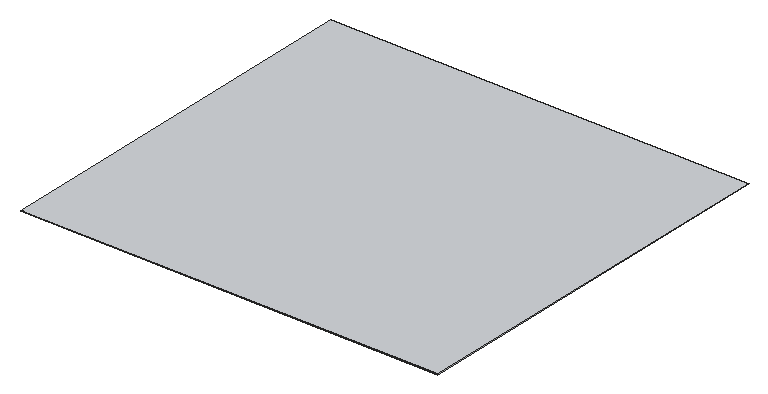
Revit family "WLL_bay_template", category Walls, Revit 2025
Family settings
  Work Plane-Based = No
  Always vertical = No
  Cut with Voids When Loaded = No
  Shared = Yes
Parameters
  Type IFC Predefined Type = "PARTITIONING"
  Structural Material = <By Category>
  HSL_drofus_room_func_no [instance] = ""
  HSL_WIDTH [instance] = 2367.295 mm
  HSL_ROOM_NUMBER [instance] = ""
  HSL_ROOM_NAME_SHORT [instance] = ""
  HSL_ROOM_NAME [instance] = ""
  HSL_HEIGHT [instance] = 2438.4 mm
  HSL_GROSS_FLOOR_AREA [instance] = 0.00 m²
  HSL_DEPT_CODE [instance] = ""
  HSL_DEPTH [instance] = 1044.001 mm
  HSL_DEPARTMENT_2 [instance] = ""
  HSL_DEPARTMENT_1 [instance] = ""
  HSL_DEPARTMENT [instance] = ""
  HSL_CLIENT_REQ_AREA_DIFF_PERC [instance] = if(HSL_GROSS_FLOOR_AREA - HSL_CLIENT_REQ_AREA = 0.00 m², 0, if(HSL_CLIENT_REQ_AREA = 0.00 m², 9999, 100 * (HSL_GROSS_FLOOR_AREA - HSL_CLIENT_REQ_AREA) / HSL_CLIENT_REQ_AREA))  # 0
  HSL_CLIENT_REQ_AREA_DIFF [instance] = HSL_GROSS_FLOOR_AREA - HSL_CLIENT_REQ_AREA  # 0.00 m²
  HSL_CLIENT_REQ_AREA [instance] = 0.00 m²
  Export Type to IFC As = "IfcWallType"
Reference planes
  plane 1: z = 0
  plane 2: z = 2438.4
  plane 3: x = 0
  plane 4: y = 0
Dimensions and locks
  "HSL_HEIGHT": plane 2 to level
  aligned and locked: nested 2 to plane 3
  aligned and locked: plane 4 to nested 2
  aligned and locked: nested 3 to plane 3
  aligned and locked: plane 4 to nested 3
Nested families
  nested 1: "ANN_Planning_nested_tag" at (0, -0.618, 0), HSL_DEPTH <- "HSL_DEPTH", HSL_WIDTH <- "HSL_WIDTH", HSL_ROOM_NAME_SHORT <- "HSL_ROOM_NAME_SHORT", HSL_drofus_room_func_no <- "HSL_drofus_room_func_no", HSL_CLIENT_REQ_AREA <- "HSL_CLIENT_REQ_AREA", HSL_GROSS_FLOOR_AREA <- "HSL_GROSS_FLOOR_AREA", type "ANN_Planning_nested_tag"
    with HSL_drofus_room_func_no "", HSL_WIDTH 2367.295 mm, HSL_ROOM_NAME_SHORT "", HSL_ID_INSTANCE "", HSL_GROSS_FLOOR_AREA 0.00 m², HSL_DEPTH 1044.001 mm, HSL_CLIENT_REQ_AREA 0.00 m²
  nested 2: "GEN_Inner_Nested_Bay_template" at (0, 0, 0), HSL_DEPARTMENT <- "HSL_DEPARTMENT", HSL_DEPARTMENT_1 <- "HSL_DEPARTMENT_1", HSL_DEPARTMENT_2 <- "HSL_DEPARTMENT_2", HSL_ROOM_NUMBER <- "HSL_ROOM_NUMBER", HSL_drofus_room_func_no <- "HSL_drofus_room_func_no", HSL_CLIENT_REQ_AREA_DIFF <- "HSL_CLIENT_REQ_AREA_DIFF", HSL_CLIENT_REQ_AREA_DIFF_PERC <- "HSL_CLIENT_REQ_AREA_DIFF_PERC", HSL_DEPTH <- "HSL_DEPTH", HSL_HEIGHT <- "HSL_HEIGHT", HSL_WIDTH <- "HSL_WIDTH", HSL_DEPT_CODE <- "HSL_DEPT_CODE", type "Rectangle_Inner_Nested", detail levels medium+fine
    with HSL_drofus_room_func_no "", HSL_WIDTH 2367.295 mm, HSL_ROOM_NUMBER "", HSL_HEIGHT 2438.4 mm, HSL_DEPTH 1044.001 mm, HSL_DEPARTMENT_2 "", HSL_DEPARTMENT_1 "", HSL_DEPARTMENT "", HSL_CLIENT_REQ_AREA_DIFF_PERC 0, HSL_CLIENT_REQ_AREA_DIFF 0.00 m²
  nested 3: "GEN_Inner_Nested_Coarse_Bay_template" at (0, 0, 0), HSL_DEPTH <- "HSL_DEPTH", HSL_HEIGHT <- "HSL_HEIGHT", HSL_WIDTH <- "HSL_WIDTH", HSL_DEPARTMENT <- "HSL_DEPARTMENT", HSL_DEPARTMENT_1 <- "HSL_DEPARTMENT_1", HSL_DEPARTMENT_2 <- "HSL_DEPARTMENT_2", HSL_ROOM_NUMBER <- "HSL_ROOM_NUMBER", HSL_drofus_room_func_no <- "HSL_drofus_room_func_no", HSL_CLIENT_REQ_AREA_DIFF <- "HSL_CLIENT_REQ_AREA_DIFF", HSL_CLIENT_REQ_AREA_DIFF_PERC <- "HSL_CLIENT_REQ_AREA_DIFF_PERC", HSL_DEPT_CODE <- "HSL_DEPT_CODE", type "Rectangle_Inner_Nested", detail levels coarse
    with HSL_drofus_room_func_no "", HSL_WIDTH 2367.295 mm, HSL_ROOM_NUMBER "", HSL_HEIGHT 2438.4 mm, HSL_DEPTH 1044.001 mm, HSL_DEPARTMENT_2 "", HSL_DEPARTMENT_1 "", HSL_DEPARTMENT "", HSL_CLIENT_REQ_AREA_DIFF_PERC 0, HSL_CLIENT_REQ_AREA_DIFF 0.00 m²
Definition of nested family "GEN_Inner_Nested_Bay_template"
  Parameters (values of type "Rectangle_Inner_Nested")
    Learning Link = ""
    HSL_drofus_room_func_no [instance] = ""
    HSL_WIDTH [instance] = 1880 mm
    HSL_ROOM_NUMBER [instance] = ""
    HSL_HEIGHT [instance] = 1574.089 mm
    HSL_DEPT_CODE [instance] = ""
    HSL_DEPTH [instance] = 1766.032 mm
    HSL_DEPARTMENT_2 [instance] = ""
    HSL_DEPARTMENT_1 [instance] = ""
    HSL_DEPARTMENT [instance] = ""
    HSL_CLIENT_REQ_AREA_DIFF_PERC [instance] = 0
    HSL_CLIENT_REQ_AREA_DIFF [instance] = 0.00 m²
    Default Elevation = 0 mm
  Reference planes
    plane 1 "Center (Front/Back)": y = 0
    plane 2: z = 0
    plane 3 "Center (Left/Right)": x = 0
    plane 4: z = 1574.089
  Forms (mm)
    Extrusion 1, solid, detail levels medium+fine
      sketch origin (0, 0, 0) x (1, 0, 0) y (0, 1, 0)
        loop
          line (-832.073, 775.089) -> (-832.073, -775.089) -> (832.073, -775.089) -> (832.073, 775.089) -> (-832.073, 775.089)
      from 0 to 1
  Lines and regions (mm)
    model lines, detail levels medium+fine
      curve 1: line (0, 0, 0) -> (0, 0, 1574.089)
  Dimensions and locks
    "HSL_HEIGHT": plane 4 to level
    aligned and locked: level to plane 2
    aligned and locked: plane 4 to curve 1
    aligned and locked: level to curve 1
    aligned and locked: plane 3 "Center (Left/Right)" to curve 1
  Automatic sketch dimensions
    plane 3 "Center (Left/Right)" to Extrusion 1 sketch curve = 832.073 mm
    Extrusion 1 sketch curve to plane 1 "Center (Front/Back)" = 775.089 mm
    Extrusion 1 sketch curve to plane 3 "Center (Left/Right)" = 832.073 mm
    plane 1 "Center (Front/Back)" to Extrusion 1 sketch curve = 775.089 mm
Definition of nested family "ANN_Planning_nested_tag"
  Parameters (values of type "ANN_Planning_nested_tag")
    Learning Link = ""
    HSL_drofus_room_func_no [instance] = "00.00.00"
    HSL_WIDTH [instance] = 2000 mm
    HSL_ROOM_NAME_SHORT [instance] = "SAMPLE"
    HSL_ID_INSTANCE [instance] = ""
    HSL_GROSS_FLOOR_AREA [instance] = 60.00 m²
    HSL_DEPTH [instance] = 3000 mm
    HSL_CLIENT_REQ_AREA [instance] = 30.00 m²
    Default Elevation = 0 mm
  Reference planes
    plane 1 "Center (Front/Back)": y = 0
    plane 2: z = 0
    plane 3 "Center (Left/Right)": x = 0
  Dimensions and locks
    aligned and locked: level to plane 2
  Nested families
    nested 1: "SYM_Planning_Annotation" at (-30, -159.812, 0), HSL_GROSS_FLOOR_AREA <- "HSL_GROSS_FLOOR_AREA", HSL_ROOM_NAME_SHORT <- "HSL_ROOM_NAME_SHORT", HSL_drofus_room_func_no <- "HSL_drofus_room_func_no", HSL_DEPTH <- "HSL_DEPTH", HSL_WIDTH <- "HSL_WIDTH", HSL_CLIENT_REQ_AREA <- "HSL_CLIENT_REQ_AREA", type "SYM_Planning_Annotation"
      with HSL_drofus_room_func_no "00.00.00", HSL_WIDTH 2000 mm, HSL_ROOM_NAME_SHORT "SAMPLE", HSL_GROSS_FLOOR_AREA 60.00 m², HSL_DEPTH 3000 mm, HSL_CLIENT_REQ_AREA 30.00 m²
  Definition of nested family "SYM_Planning_Annotation"
    Parameters (values of type "SYM_Planning_Annotation")
      HSL_drofus_room_func_no [instance] = ""
      HSL_WIDTH [instance] = 0 mm
      HSL_ROOM_NAME_SHORT [instance] = ""
      HSL_GROSS_FLOOR_AREA [instance] = 0.00 m²
      HSL_DEPTH [instance] = 0 mm
      HSL_CLIENT_REQ_AREA [instance] = 0.00 m²
    Reference planes
      plane 1: y = 0
      plane 2: x = 0
    Text (mm)
      label "HSL_WIDTH/ HSL_DEPTH\nHSL_drofus_room_func_no\nHSL_ROOM_NAME_SHORT\nHSL_GROSS_FLOOR_AREA /  [HSL_CLIENT_REQ_AREA]" at (1.878, 17.288, 0), shows "HSL_WIDTH", "HSL_DEPTH", "HSL_drofus_room_func_no", "HSL_ROOM_NAME_SHORT", "HSL_GROSS_FLOOR_AREA", "HSL_CLIENT_REQ_AREA"
Definition of nested family "GEN_Inner_Nested_Coarse_Bay_template"
  Parameters (values of type "Rectangle_Inner_Nested")
    Learning Link = ""
    HSL_drofus_room_func_no [instance] = ""
    HSL_WIDTH [instance] = 3000 mm
    HSL_ROOM_NUMBER [instance] = ""
    HSL_HEIGHT [instance] = 1574.089 mm
    HSL_DEPT_CODE [instance] = ""
    HSL_DEPTH [instance] = 3000 mm
    HSL_DEPARTMENT_2 [instance] = ""
    HSL_DEPARTMENT_1 [instance] = ""
    HSL_DEPARTMENT [instance] = ""
    HSL_CLIENT_REQ_AREA_DIFF_PERC [instance] = 0
    HSL_CLIENT_REQ_AREA_DIFF [instance] = 0.00 m²
    Default Elevation = 0 mm
  Reference planes
    plane 1 "Center (Front/Back)": y = 0
    plane 2: z = 0
    plane 3 "Center (Left/Right)": x = 0
    plane 4: z = 1574.089
  Forms (mm)
    Extrusion 1, solid, detail levels coarse
      sketch origin (0, 0, 0) x (1, 0, 0) y (0, 1, 0)
        loop
          arc (-1200, 1400) -> (-1341.421, 1341.421) -> (-1400, 1200) r 200
          line (-1400, 1200) -> (-1400, -1200)
          arc (-1400, -1200) -> (-1341.421, -1341.421) -> (-1200, -1400) r 200
          line (-1200, -1400) -> (1200, -1400)
          arc (1200, -1400) -> (1341.421, -1341.421) -> (1400, -1200) r 200
          line (1400, -1200) -> (1400, 1200)
          arc (1400, 1200) -> (1341.421, 1341.421) -> (1200, 1400) r 200
          line (1200, 1400) -> (-1200, 1400)
      from 0 to 1
  Lines and regions (mm)
    model lines, detail levels coarse
      curve 1: line (0, 0, 0) -> (0, 0, 1574.089)
    symbolic lines, detail levels coarse
      curve 2: line (1200, 1400, 0) -> (-1200, 1400, 0)
      curve 3: line (-1400, 1200, 0) -> (-1400, -1200, 0)
      curve 4: line (1400, -1200, 0) -> (1400, 1200, 0)
      curve 5: line (-1200, -1400, 0) -> (1200, -1400, 0)
      curve 6: arc (-1400, 1200, 0) -> (-1341.421, 1341.421, 0) -> (-1200, 1400, 0) r 200
      curve 7: arc (1200, 1400, 0) -> (1341.421, 1341.421, 0) -> (1400, 1200, 0) r 200
      curve 8: arc (1400, -1200, 0) -> (1341.421, -1341.421, 0) -> (1200, -1400, 0) r 200
      curve 9: arc (-1200, -1400, 0) -> (-1341.421, -1341.421, 0) -> (-1400, -1200, 0) r 200
  Dimensions and locks
    "HSL_HEIGHT": plane 4 to level
    aligned and locked: level to plane 2
    aligned and locked: plane 4 to curve 1
    aligned and locked: level to curve 1
    aligned and locked: plane 3 "Center (Left/Right)" to curve 1
  Automatic sketch dimensions
    curve 6 to plane 1 "Center (Front/Back)" = 1200 mm
    Extrusion 1 sketch curve to Extrusion 1 sketch curve = 200 mm  (x3)
    Extrusion 1 sketch curve to plane 1 "Center (Front/Back)" = 1200 mm
    plane 3 "Center (Left/Right)" to curve 5 = 1200 mm
    plane 3 "Center (Left/Right)" to curve 7 = 1200 mm
    curve 7 to curve 4 = 200 mm
    plane 3 "Center (Left/Right)" to Extrusion 1 sketch curve = 1200 mm
    plane 1 "Center (Front/Back)" to curve 8 = 1200 mm
    plane 1 "Center (Front/Back)" to Extrusion 1 sketch curve = 1200 mm
    curve 9 to plane 3 "Center (Left/Right)" = 1200 mm
    curve 6 to plane 3 "Center (Left/Right)" = 1200 mm
    curve 3 to curve 9 = 200 mm
    Extrusion 1 sketch curve to plane 3 "Center (Left/Right)" = 1200 mm  (x2)
